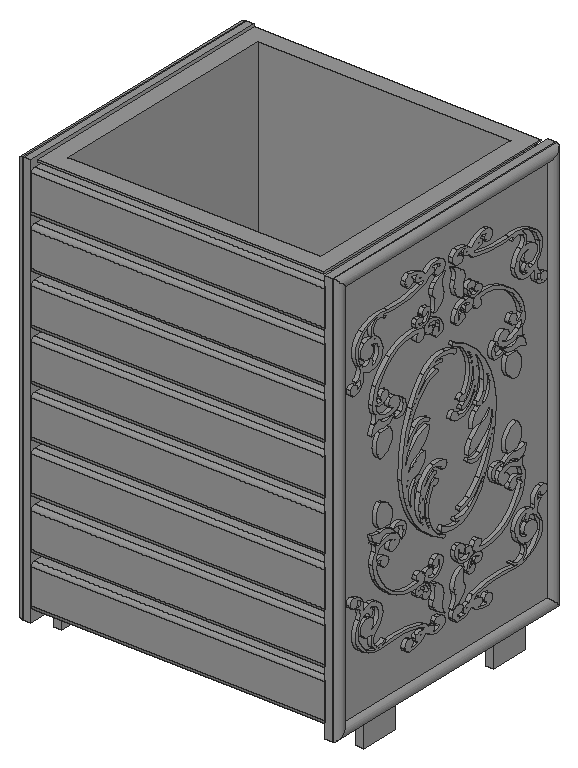
Revit family "Урна чугунная «Ампир КОМБИ-2» Арт 7292", category Антураж, Revit 2018 (continued)
Automatic sketch dimensions
  plane 3 "По центру (Влево/Вправо)" to Extrusion 5 sketch curve = 15 mm
  Extrusion 5 sketch curve to Extrusion 5 sketch curve = 22 mm
  Extrusion 5 sketch curve to plane 5 = 37 mm
  Extrusion 5 sketch curve to plane 5 = 15 mm
  Extrusion 5 sketch curve to plane 4 = 27 mm
  Extrusion 5 sketch curve to plane 1 "По центру (Вперед/Назад)" = 27 mm
  Extrusion 5 sketch curve to plane 1 "По центру (Вперед/Назад)" = 5 mm
  plane 3 "По центру (Влево/Вправо)" to Extrusion 6 sketch curve = 37 mm
  Extrusion 6 sketch curve to plane 5 = 37 mm
  Extrusion 6 sketch curve to plane 1 "По центру (Вперед/Назад)" = 27 mm
  Extrusion 6 sketch curve to plane 4 = 27 mm
  Sweep 7 sketch curve to plane 1 "По центру (Вперед/Назад)" = 0 mm
  Sweep 7 sketch curve to plane 4 = 0 mm
  Sweep 7 sketch curve to plane 6 = 0 mm
  level to Sweep 7 sketch curve = 30 mm
  Sweep 7 sketch curve to plane 3 "По центру (Влево/Вправо)" = 0 mm
  Sweep 7 sketch curve to profile plane = 0 mm  (x2)
  Sweep 7 sketch curve to profile plane = 7.5 mm  (x2)
  plane 3 "По центру (Влево/Вправо)" to Sweep 7 sketch curve = 400 mm
  Extrusion 8 sketch curve to plane 1 "По центру (Вперед/Назад)" = 66.453 mm  (x2)
  Extrusion 8 sketch curve to Extrusion 8 sketch curve = 3.322 mm  (x4)
  Extrusion 8 sketch curve to Extrusion 8 sketch curve = 15.816 mm  (x2)
  Extrusion 8 sketch curve to Extrusion 8 sketch curve = 14.74 mm  (x4)
  Extrusion 8 sketch curve to Extrusion 8 sketch curve = 51.918 mm  (x2)
  Extrusion 8 sketch curve to Extrusion 8 sketch curve = 17.079 mm  (x4)
  Extrusion 8 sketch curve to Extrusion 8 sketch curve = 22.221 mm
  Extrusion 8 sketch curve to Extrusion 8 sketch curve = 5.142 mm
  Extrusion 8 sketch curve to Extrusion 8 sketch curve = 9.386 mm  (x4)
  Extrusion 8 sketch curve to Extrusion 8 sketch curve = 2.136 mm  (x4)
  Extrusion 8 sketch curve to Extrusion 8 sketch curve = 8.667 mm  (x4)
  Extrusion 8 sketch curve to Extrusion 8 sketch curve = 11.002 mm  (x2)
  Extrusion 8 sketch curve to Extrusion 8 sketch curve = 41.097 mm
  Extrusion 8 sketch curve to Extrusion 8 sketch curve = 6.38 mm
  Extrusion 8 sketch curve to plane 4 = 86.206 mm  (x2)
  Extrusion 8 sketch curve to Extrusion 8 sketch curve = 2.245 mm  (x2)
  level to Extrusion 8 sketch curve = 114.549 mm
  Extrusion 8 sketch curve to Extrusion 8 sketch curve = 2.006 mm  (x3)
  Extrusion 8 sketch curve to Extrusion 8 sketch curve = 4.094 mm
  Extrusion 8 sketch curve to Extrusion 8 sketch curve = 1.006 mm  (x4)
  Extrusion 8 sketch curve to Extrusion 8 sketch curve = 8.107 mm
  Extrusion 8 sketch curve to Extrusion 8 sketch curve = 6.486 mm  (x2)
  Extrusion 8 sketch curve to Extrusion 8 sketch curve = 7.459 mm  (x4)
  Extrusion 8 sketch curve to Extrusion 8 sketch curve = 34.094 mm
  Extrusion 8 sketch curve to Extrusion 8 sketch curve = 30.647 mm  (x2)
  Extrusion 8 sketch curve to Extrusion 8 sketch curve = 79.193 mm
  Extrusion 8 sketch curve to Extrusion 8 sketch curve = 0.737 mm  (x4)
  Extrusion 8 sketch curve to Extrusion 8 sketch curve = 83.23 mm
  Extrusion 8 sketch curve to Extrusion 8 sketch curve = 9.611 mm  (x4)
  Extrusion 8 sketch curve to Extrusion 8 sketch curve = 16.217 mm  (x2)
  Extrusion 8 sketch curve to Extrusion 8 sketch curve = 65.807 mm
  Extrusion 8 sketch curve to Extrusion 8 sketch curve = 65.778 mm
  Extrusion 8 sketch curve to Extrusion 8 sketch curve = 5.869 mm  (x2)
  Extrusion 8 sketch curve to Extrusion 8 sketch curve = 79.198 mm
  Extrusion 8 sketch curve to Extrusion 8 sketch curve = 26.635 mm
  Extrusion 8 sketch curve to Extrusion 8 sketch curve = 5.48 mm  (x2)
  Extrusion 8 sketch curve to Extrusion 8 sketch curve = 5.101 mm
  Extrusion 8 sketch curve to Extrusion 8 sketch curve = 8.572 mm  (x2)
  Extrusion 8 sketch curve to Extrusion 8 sketch curve = 0 mm  (x6)
  Extrusion 8 sketch curve to Extrusion 8 sketch curve = 1.003 mm  (x6)
  Extrusion 8 sketch curve to Extrusion 8 sketch curve = 4.439 mm  (x2)
  Extrusion 8 sketch curve to Extrusion 8 sketch curve = 4.163 mm  (x4)
  Extrusion 8 sketch curve to Extrusion 8 sketch curve = 1.131 mm  (x2)
  Extrusion 8 sketch curve to Extrusion 8 sketch curve = 4.133 mm  (x2)
  Extrusion 9 sketch curve to Extrusion 9 sketch curve = 0 mm  (x58)
  Extrusion 9 sketch curve to plane 1 "По центру (Вперед/Назад)" = 90.278 mm
  Extrusion 9 sketch curve to Extrusion 9 sketch curve = 19.785 mm
  Extrusion 9 sketch curve to Extrusion 9 sketch curve = 24.099 mm  (x2)
  Extrusion 9 sketch curve to Extrusion 9 sketch curve = 3.085 mm  (x2)
  Extrusion 9 sketch curve to Extrusion 9 sketch curve = 3.268 mm  (x2)
  Extrusion 9 sketch curve to Extrusion 9 sketch curve = 0.804 mm  (x2)
  Extrusion 9 sketch curve to Extrusion 9 sketch curve = 0.713 mm  (x2)
  Extrusion 9 sketch curve to Extrusion 9 sketch curve = 16.19 mm  (x2)
  Extrusion 9 sketch curve to Extrusion 9 sketch curve = 7.142 mm  (x2)
  Extrusion 9 sketch curve to Extrusion 9 sketch curve = 0.668 mm  (x3)
  Extrusion 9 sketch curve to Extrusion 9 sketch curve = 0.747 mm
  Extrusion 9 sketch curve to Extrusion 9 sketch curve = 1.985 mm  (x2)
  Extrusion 9 sketch curve to Extrusion 9 sketch curve = 5.226 mm  (x2)
  Extrusion 9 sketch curve to Extrusion 9 sketch curve = 10.014 mm  (x2)
  Extrusion 9 sketch curve to Extrusion 9 sketch curve = 0.521 mm  (x2)
  Extrusion 9 sketch curve to Extrusion 9 sketch curve = 9.939 mm
  Extrusion 9 sketch curve to Extrusion 9 sketch curve = 10.054 mm
  Extrusion 9 sketch curve to Extrusion 9 sketch curve = 4.485 mm
  Extrusion 9 sketch curve to Extrusion 9 sketch curve = 9.757 mm  (x2)
  Extrusion 9 sketch curve to Extrusion 9 sketch curve = 17.764 mm
  Extrusion 9 sketch curve to Extrusion 9 sketch curve = 6.447 mm  (x2)
  Extrusion 9 sketch curve to Extrusion 9 sketch curve = 1.53 mm  (x2)
  Extrusion 9 sketch curve to Extrusion 9 sketch curve = 14.218 mm  (x2)
  Extrusion 9 sketch curve to Extrusion 9 sketch curve = 3.509 mm  (x2)
  Extrusion 9 sketch curve to Extrusion 9 sketch curve = 0.439 mm  (x2)
  Extrusion 9 sketch curve to Extrusion 9 sketch curve = 0.489 mm  (x2)
  Extrusion 9 sketch curve to Extrusion 9 sketch curve = 12.036 mm
  Extrusion 9 sketch curve to Extrusion 9 sketch curve = 4.477 mm  (x2)
  Extrusion 9 sketch curve to Extrusion 9 sketch curve = 2.143 mm
  Extrusion 9 sketch curve to Extrusion 9 sketch curve = 4.299 mm  (x2)
  Extrusion 9 sketch curve to Extrusion 9 sketch curve = 1.27 mm  (x2)
  Extrusion 9 sketch curve to Extrusion 9 sketch curve = 1.348 mm
  Extrusion 9 sketch curve to Extrusion 9 sketch curve = 4.606 mm  (x4)
  Extrusion 9 sketch curve to Extrusion 9 sketch curve = 0.436 mm  (x2)
  Extrusion 9 sketch curve to Extrusion 9 sketch curve = 2.289 mm  (x2)
  Extrusion 9 sketch curve to Extrusion 9 sketch curve = 6.781 mm
  Extrusion 9 sketch curve to Extrusion 9 sketch curve = 8.581 mm  (x2)
  Extrusion 9 sketch curve to Extrusion 9 sketch curve = 3.621 mm  (x2)
  Extrusion 9 sketch curve to Extrusion 9 sketch curve = 2.417 mm
  Extrusion 9 sketch curve to Extrusion 9 sketch curve = 5.774 mm
  Extrusion 9 sketch curve to Extrusion 9 sketch curve = 1.417 mm
  Extrusion 9 sketch curve to Extrusion 9 sketch curve = 1.915 mm  (x2)
  Extrusion 9 sketch curve to Extrusion 9 sketch curve = 0.619 mm
  Extrusion 9 sketch curve to Extrusion 9 sketch curve = 2.552 mm
  Extrusion 9 sketch curve to Extrusion 9 sketch curve = 3.149 mm
  Extrusion 9 sketch curve to Extrusion 9 sketch curve = 0.973 mm  (x2)
  Extrusion 9 sketch curve to Extrusion 9 sketch curve = 2.964 mm
  Extrusion 9 sketch curve to Extrusion 9 sketch curve = 0.869 mm  (x2)
  Extrusion 9 sketch curve to Extrusion 9 sketch curve = 0.536 mm  (x2)
  Extrusion 9 sketch curve to Extrusion 9 sketch curve = 4.014 mm  (x2)
  Extrusion 9 sketch curve to Extrusion 9 sketch curve = 1.28 mm  (x2)
  Extrusion 9 sketch curve to Extrusion 9 sketch curve = 7.725 mm
  Extrusion 9 sketch curve to Extrusion 9 sketch curve = 2.492 mm  (x2)
  Extrusion 9 sketch curve to Extrusion 9 sketch curve = 3.598 mm  (x2)
  Extrusion 9 sketch curve to Extrusion 9 sketch curve = 4.198 mm
  Extrusion 9 sketch curve to Extrusion 9 sketch curve = 1.249 mm
  Extrusion 9 sketch curve to Extrusion 9 sketch curve = 0.221 mm  (x4)
  Extrusion 9 sketch curve to Extrusion 9 sketch curve = 2.024 mm  (x2)
  Extrusion 9 sketch curve to Extrusion 9 sketch curve = 0.61 mm  (x2)
  Extrusion 9 sketch curve to Extrusion 9 sketch curve = 8.733 mm  (x2)
  Extrusion 9 sketch curve to Extrusion 9 sketch curve = 0.056 mm
  Extrusion 9 sketch curve to Extrusion 9 sketch curve = 1.423 mm
  Extrusion 9 sketch curve to Extrusion 9 sketch curve = 12.648 mm
  Extrusion 9 sketch curve to Extrusion 9 sketch curve = 1.065 mm
  Extrusion 9 sketch curve to Extrusion 9 sketch curve = 0.477 mm
  Extrusion 9 sketch curve to Extrusion 9 sketch curve = 20.74 mm
  Extrusion 9 sketch curve to Extrusion 9 sketch curve = 8.19 mm
  Extrusion 9 sketch curve to Extrusion 9 sketch curve = 0.497 mm
  Extrusion 9 sketch curve to Extrusion 9 sketch curve = 4.244 mm
  Extrusion 9 sketch curve to Extrusion 9 sketch curve = 21.609 mm
  Extrusion 9 sketch curve to Extrusion 9 sketch curve = 5.381 mm
  Extrusion 9 sketch curve to Extrusion 9 sketch curve = 9.464 mm
  Extrusion 9 sketch curve to Extrusion 9 sketch curve = 7.192 mm
  Extrusion 9 sketch curve to Extrusion 9 sketch curve = 5.852 mm
  Extrusion 9 sketch curve to Extrusion 9 sketch curve = 0.706 mm
  Extrusion 9 sketch curve to Extrusion 9 sketch curve = 11.843 mm
  Extrusion 9 sketch curve to Extrusion 9 sketch curve = 23.338 mm
  Extrusion 9 sketch curve to Extrusion 9 sketch curve = 7.366 mm
  Extrusion 9 sketch curve to Extrusion 9 sketch curve = 2.574 mm
  Extrusion 9 sketch curve to Extrusion 9 sketch curve = 11.177 mm
  level to Extrusion 9 sketch curve = 194.993 mm
  Extrusion 9 sketch curve to Extrusion 9 sketch curve = 8.035 mm  (x2)
  Extrusion 9 sketch curve to Extrusion 9 sketch curve = 1.232 mm  (x2)
  Extrusion 9 sketch curve to Extrusion 9 sketch curve = 9.162 mm  (x2)
  Extrusion 9 sketch curve to Extrusion 9 sketch curve = 13.801 mm
  Extrusion 9 sketch curve to Extrusion 9 sketch curve = 4.504 mm
  Extrusion 9 sketch curve to Extrusion 9 sketch curve = 1.206 mm  (x2)
  Extrusion 9 sketch curve to Extrusion 9 sketch curve = 3.444 mm
  Extrusion 9 sketch curve to Extrusion 9 sketch curve = 1.493 mm
  Extrusion 9 sketch curve to Extrusion 9 sketch curve = 2.238 mm  (x2)
  Extrusion 9 sketch curve to Extrusion 9 sketch curve = 0.236 mm  (x2)
  Extrusion 9 sketch curve to Extrusion 9 sketch curve = 3.199 mm
  Extrusion 9 sketch curve to Extrusion 9 sketch curve = 1.774 mm  (x2)
  Extrusion 9 sketch curve to Extrusion 9 sketch curve = 4.309 mm  (x2)
  Extrusion 9 sketch curve to Extrusion 9 sketch curve = 0.528 mm  (x2)
  Extrusion 9 sketch curve to Extrusion 9 sketch curve = 1.857 mm
  Extrusion 9 sketch curve to Extrusion 9 sketch curve = 2.675 mm  (x2)
  Extrusion 9 sketch curve to Extrusion 9 sketch curve = 0.051 mm  (x2)
  Extrusion 9 sketch curve to Extrusion 9 sketch curve = 1.115 mm  (x2)
  Extrusion 9 sketch curve to Extrusion 9 sketch curve = 0.463 mm  (x2)
  Extrusion 9 sketch curve to Extrusion 9 sketch curve = 10.068 mm
  Extrusion 9 sketch curve to Extrusion 9 sketch curve = 13.197 mm
  Extrusion 9 sketch curve to Extrusion 9 sketch curve = 4.235 mm
  Extrusion 9 sketch curve to Extrusion 9 sketch curve = 0.644 mm  (x2)
  Extrusion 9 sketch curve to Extrusion 9 sketch curve = 0.967 mm
  Extrusion 9 sketch curve to Extrusion 9 sketch curve = 19.732 mm
  Extrusion 9 sketch curve to Extrusion 9 sketch curve = 7.359 mm  (x2)
  Extrusion 9 sketch curve to Extrusion 9 sketch curve = 2.912 mm
  Extrusion 9 sketch curve to Extrusion 9 sketch curve = 5.976 mm
  Extrusion 9 sketch curve to Extrusion 9 sketch curve = 4.49 mm  (x2)
  Extrusion 9 sketch curve to Extrusion 9 sketch curve = 7.627 mm
  Extrusion 9 sketch curve to Extrusion 9 sketch curve = 3.982 mm  (x2)
  Extrusion 9 sketch curve to Extrusion 9 sketch curve = 7.861 mm  (x2)
  Extrusion 9 sketch curve to Extrusion 9 sketch curve = 11.421 mm
  Extrusion 9 sketch curve to Extrusion 9 sketch curve = 6.295 mm  (x2)
  Extrusion 9 sketch curve to Extrusion 9 sketch curve = 6.903 mm
  Extrusion 9 sketch curve to Extrusion 9 sketch curve = 6.161 mm  (x2)
  Extrusion 9 sketch curve to Extrusion 9 sketch curve = 9.813 mm  (x2)
  Extrusion 9 sketch curve to Extrusion 9 sketch curve = 3.262 mm  (x2)
  Extrusion 9 sketch curve to Extrusion 9 sketch curve = 2.678 mm  (x2)
  Extrusion 9 sketch curve to Extrusion 9 sketch curve = 3.283 mm  (x2)
  Extrusion 9 sketch curve to Extrusion 9 sketch curve = 6.422 mm  (x2)
  Extrusion 9 sketch curve to Extrusion 9 sketch curve = 7.221 mm  (x2)
  Extrusion 9 sketch curve to Extrusion 9 sketch curve = 4.5 mm
  Extrusion 9 sketch curve to Extrusion 9 sketch curve = 1.529 mm  (x2)
  Extrusion 9 sketch curve to Extrusion 9 sketch curve = 1.192 mm  (x2)
  Extrusion 9 sketch curve to Extrusion 9 sketch curve = 7.073 mm  (x2)
  Extrusion 9 sketch curve to Extrusion 9 sketch curve = 22.921 mm
  Extrusion 9 sketch curve to Extrusion 9 sketch curve = 14.095 mm  (x2)
  Extrusion 9 sketch curve to Extrusion 9 sketch curve = 5.021 mm
  Extrusion 9 sketch curve to Extrusion 9 sketch curve = 5.457 mm  (x2)
  Extrusion 9 sketch curve to Extrusion 9 sketch curve = 2.177 mm  (x2)
  Extrusion 9 sketch curve to Extrusion 9 sketch curve = 2.934 mm  (x2)
  Extrusion 9 sketch curve to Extrusion 9 sketch curve = 1.556 mm  (x2)
  Extrusion 9 sketch curve to Extrusion 9 sketch curve = 2.583 mm  (x2)
  Extrusion 9 sketch curve to Extrusion 9 sketch curve = 3.039 mm  (x2)
  Extrusion 9 sketch curve to Extrusion 9 sketch curve = 8.562 mm  (x2)
  Extrusion 9 sketch curve to Extrusion 9 sketch curve = 12.578 mm
  Extrusion 9 sketch curve to Extrusion 9 sketch curve = 0.259 mm
  Extrusion 9 sketch curve to Extrusion 9 sketch curve = 17.337 mm
  Extrusion 9 sketch curve to Extrusion 9 sketch curve = 4.624 mm
  Extrusion 9 sketch curve to Extrusion 9 sketch curve = 3.828 mm
  Extrusion 9 sketch curve to Extrusion 9 sketch curve = 6.194 mm
  Extrusion 9 sketch curve to Extrusion 9 sketch curve = 9.707 mm
  Extrusion 9 sketch curve to Extrusion 9 sketch curve = 12.75 mm
  Extrusion 9 sketch curve to Extrusion 9 sketch curve = 1.578 mm
  Extrusion 9 sketch curve to Extrusion 9 sketch curve = 0.212 mm
  Extrusion 9 sketch curve to Extrusion 9 sketch curve = 4.167 mm
  Extrusion 9 sketch curve to Extrusion 9 sketch curve = 4.748 mm
  Extrusion 9 sketch curve to Extrusion 9 sketch curve = 12.682 mm
  Extrusion 9 sketch curve to Extrusion 9 sketch curve = 0.217 mm
  Extrusion 9 sketch curve to Extrusion 9 sketch curve = 1.831 mm
  Extrusion 9 sketch curve to Extrusion 9 sketch curve = 2.726 mm
  Extrusion 9 sketch curve to Extrusion 9 sketch curve = 0.745 mm
  Extrusion 9 sketch curve to Extrusion 9 sketch curve = 4.711 mm
  Extrusion 9 sketch curve to Extrusion 9 sketch curve = 9.441 mm
  Extrusion 9 sketch curve to Extrusion 9 sketch curve = 18.304 mm
  Extrusion 9 sketch curve to Extrusion 9 sketch curve = 18.337 mm
  Extrusion 9 sketch curve to Extrusion 9 sketch curve = 5.431 mm
  Extrusion 9 sketch curve to Extrusion 9 sketch curve = 5.297 mm
  Extrusion 9 sketch curve to Extrusion 9 sketch curve = 0.917 mm
  Extrusion 9 sketch curve to Extrusion 9 sketch curve = 3.433 mm  (x2)
  Extrusion 9 sketch curve to Extrusion 9 sketch curve = 3.109 mm
  Extrusion 9 sketch curve to Extrusion 9 sketch curve = 4.398 mm
  Extrusion 9 sketch curve to Extrusion 9 sketch curve = 4.386 mm
  Extrusion 9 sketch curve to Extrusion 9 sketch curve = 5.964 mm
  Extrusion 9 sketch curve to Extrusion 9 sketch curve = 3.229 mm  (x2)
  Extrusion 9 sketch curve to Extrusion 9 sketch curve = 8.819 mm
  Extrusion 9 sketch curve to Extrusion 9 sketch curve = 8.486 mm
  Extrusion 9 sketch curve to Extrusion 9 sketch curve = 8.76 mm
  Extrusion 9 sketch curve to Extrusion 9 sketch curve = 4.538 mm  (x2)
  Extrusion 9 sketch curve to Extrusion 9 sketch curve = 3.755 mm  (x2)
  Extrusion 9 sketch curve to Extrusion 9 sketch curve = 6.482 mm
  Extrusion 9 sketch curve to Extrusion 9 sketch curve = 0.92 mm  (x3)
  Extrusion 9 sketch curve to Extrusion 9 sketch curve = 13.179 mm
  Extrusion 9 sketch curve to Extrusion 9 sketch curve = 3.079 mm
  Extrusion 9 sketch curve to Extrusion 9 sketch curve = 1.204 mm  (x2)
  Extrusion 9 sketch curve to Extrusion 9 sketch curve = 1.752 mm
  Extrusion 9 sketch curve to Extrusion 9 sketch curve = 0.588 mm  (x2)
  Extrusion 9 sketch curve to Extrusion 9 sketch curve = 5.313 mm  (x2)
  Extrusion 9 sketch curve to Extrusion 9 sketch curve = 3.976 mm
  Extrusion 9 sketch curve to Extrusion 9 sketch curve = 1.916 mm
  Extrusion 9 sketch curve to Extrusion 9 sketch curve = 4.507 mm  (x2)
  Extrusion 9 sketch curve to Extrusion 9 sketch curve = 13.579 mm  (x2)
  Extrusion 9 sketch curve to Extrusion 9 sketch curve = 0.748 mm  (x2)
  Extrusion 9 sketch curve to Extrusion 9 sketch curve = 0.966 mm  (x2)
  Extrusion 9 sketch curve to Extrusion 9 sketch curve = 9.541 mm
  Extrusion 9 sketch curve to Extrusion 9 sketch curve = 1.763 mm  (x2)
  Extrusion 9 sketch curve to Extrusion 9 sketch curve = 1.654 mm
  Extrusion 9 sketch curve to Extrusion 9 sketch curve = 0.811 mm  (x2)
  Extrusion 9 sketch curve to Extrusion 9 sketch curve = 1.615 mm  (x2)
  Extrusion 9 sketch curve to Extrusion 9 sketch curve = 7.118 mm
  Extrusion 9 sketch curve to Extrusion 9 sketch curve = 2.449 mm
  Extrusion 9 sketch curve to Extrusion 9 sketch curve = 1.451 mm
  Extrusion 9 sketch curve to Extrusion 9 sketch curve = 0.749 mm
  Extrusion 9 sketch curve to Extrusion 9 sketch curve = 0.357 mm
  Extrusion 9 sketch curve to Extrusion 9 sketch curve = 0.409 mm
  Extrusion 9 sketch curve to Extrusion 9 sketch curve = 7.887 mm
  Extrusion 9 sketch curve to Extrusion 9 sketch curve = 1.139 mm
  Extrusion 9 sketch curve to Extrusion 9 sketch curve = 1.016 mm
  Extrusion 9 sketch curve to Extrusion 9 sketch curve = 9.341 mm
  Extrusion 9 sketch curve to Extrusion 9 sketch curve = 1.332 mm
  Extrusion 9 sketch curve to Extrusion 9 sketch curve = 1.268 mm
  Extrusion 9 sketch curve to Extrusion 9 sketch curve = 4.853 mm
  Extrusion 9 sketch curve to Extrusion 9 sketch curve = 0.783 mm
  Extrusion 9 sketch curve to Extrusion 9 sketch curve = 5.653 mm
  Extrusion 9 sketch curve to Extrusion 9 sketch curve = 0.101 mm
  Extrusion 9 sketch curve to Extrusion 9 sketch curve = 11.02 mm
  Extrusion 9 sketch curve to Extrusion 9 sketch curve = 1.992 mm
  Extrusion 9 sketch curve to Extrusion 9 sketch curve = 0.274 mm
  Extrusion 9 sketch curve to Extrusion 9 sketch curve = 4.446 mm
  Extrusion 10 sketch curve to plane 1 "По центру (Вперед/Назад)" = 54.744 mm  (x2)
  Extrusion 10 sketch curve to Extrusion 10 sketch curve = 13.536 mm  (x4)
  Extrusion 10 sketch curve to Extrusion 10 sketch curve = 1.598 mm  (x4)
  Extrusion 10 sketch curve to Extrusion 10 sketch curve = 5.85 mm  (x2)
  Extrusion 10 sketch curve to Extrusion 10 sketch curve = 20.828 mm  (x2)
  Extrusion 10 sketch curve to Extrusion 10 sketch curve = 1.958 mm  (x2)
  Extrusion 10 sketch curve to Extrusion 10 sketch curve = 0.1 mm  (x4)
  Extrusion 10 sketch curve to Extrusion 10 sketch curve = 2.198 mm  (x2)
  Extrusion 10 sketch curve to Extrusion 10 sketch curve = 1.473 mm  (x4)
  Extrusion 10 sketch curve to Extrusion 10 sketch curve = 1.069 mm  (x4)
  Extrusion 10 sketch curve to Extrusion 10 sketch curve = 1.754 mm  (x4)
  Extrusion 10 sketch curve to Extrusion 10 sketch curve = 8.476 mm  (x2)
  Extrusion 10 sketch curve to Extrusion 10 sketch curve = 0.588 mm  (x4)
  Extrusion 10 sketch curve to Extrusion 10 sketch curve = 1.788 mm  (x2)
  Extrusion 10 sketch curve to Extrusion 10 sketch curve = 0.285 mm  (x4)
  Extrusion 10 sketch curve to Extrusion 10 sketch curve = 18.667 mm  (x2)
  Extrusion 10 sketch curve to Extrusion 10 sketch curve = 12.65 mm  (x4)
  Extrusion 10 sketch curve to Extrusion 10 sketch curve = 3.04 mm  (x4)
  Extrusion 10 sketch curve to Extrusion 10 sketch curve = 0.288 mm  (x4)
  Extrusion 10 sketch curve to Extrusion 10 sketch curve = 10.526 mm  (x2)
  Extrusion 10 sketch curve to Extrusion 10 sketch curve = 0.886 mm  (x2)
  Extrusion 10 sketch curve to Extrusion 10 sketch curve = 1.139 mm  (x4)
  Extrusion 10 sketch curve to Extrusion 10 sketch curve = 0.657 mm  (x2)
  Extrusion 10 sketch curve to Extrusion 10 sketch curve = 1.358 mm  (x4)
  Extrusion 10 sketch curve to Extrusion 10 sketch curve = 92.074 mm  (x2)
  Extrusion 10 sketch curve to Extrusion 10 sketch curve = 0.701 mm  (x2)
  Extrusion 10 sketch curve to Extrusion 10 sketch curve = 0.911 mm  (x2)
  Extrusion 10 sketch curve to Extrusion 10 sketch curve = 8.084 mm  (x2)
  Extrusion 10 sketch curve to Extrusion 10 sketch curve = 17.181 mm  (x2)
  Extrusion 10 sketch curve to Extrusion 10 sketch curve = 1.2 mm  (x2)
  Extrusion 10 sketch curve to Extrusion 10 sketch curve = 6.242 mm  (x2)
  Extrusion 10 sketch curve to Extrusion 10 sketch curve = 2.098 mm  (x2)
  Extrusion 10 sketch curve to Extrusion 10 sketch curve = 14.736 mm  (x2)
  Extrusion 10 sketch curve to Extrusion 10 sketch curve = 2.057 mm  (x2)
  Extrusion 10 sketch curve to Extrusion 10 sketch curve = 4.252 mm  (x2)
  level to Extrusion 10 sketch curve = 159.079 mm
  Extrusion 10 sketch curve to Extrusion 10 sketch curve = 0.024 mm  (x4)
  Extrusion 10 sketch curve to Extrusion 10 sketch curve = 0.749 mm  (x2)
  Extrusion 10 sketch curve to Extrusion 10 sketch curve = 1.265 mm  (x4)
  Extrusion 10 sketch curve to Extrusion 10 sketch curve = 1.985 mm
  Extrusion 10 sketch curve to Extrusion 10 sketch curve = 2.387 mm  (x4)
  Extrusion 10 sketch curve to Extrusion 10 sketch curve = 36.746 mm  (x2)
  Extrusion 10 sketch curve to Extrusion 10 sketch curve = 4.55 mm  (x4)
  Extrusion 10 sketch curve to Extrusion 10 sketch curve = 4.658 mm  (x2)
  Extrusion 10 sketch curve to Extrusion 10 sketch curve = 0.612 mm  (x2)
  Extrusion 10 sketch curve to Extrusion 10 sketch curve = 0.148 mm  (x2)
  Extrusion 10 sketch curve to Extrusion 10 sketch curve = 0.827 mm  (x4)
  Extrusion 10 sketch curve to Extrusion 10 sketch curve = 1.799 mm  (x4)
  Extrusion 10 sketch curve to Extrusion 10 sketch curve = 2.21 mm  (x4)
  Extrusion 10 sketch curve to Extrusion 10 sketch curve = 0.21 mm  (x4)
  Extrusion 10 sketch curve to Extrusion 10 sketch curve = 7.892 mm  (x2)
  Extrusion 10 sketch curve to Extrusion 10 sketch curve = 3.437 mm  (x4)
  Extrusion 10 sketch curve to Extrusion 10 sketch curve = 9.775 mm  (x2)
  Extrusion 10 sketch curve to Extrusion 10 sketch curve = 1.652 mm  (x4)
  Extrusion 10 sketch curve to Extrusion 10 sketch curve = 4.551 mm  (x4)
  Extrusion 10 sketch curve to Extrusion 10 sketch curve = 0.412 mm  (x4)
  Extrusion 10 sketch curve to Extrusion 10 sketch curve = 1.72 mm  (x4)
  Extrusion 10 sketch curve to Extrusion 10 sketch curve = 0.414 mm  (x4)
  Extrusion 10 sketch curve to Extrusion 10 sketch curve = 21.257 mm  (x2)
  Extrusion 10 sketch curve to Extrusion 10 sketch curve = 31.371 mm  (x4)
  Extrusion 10 sketch curve to Extrusion 10 sketch curve = 88.547 mm
  Extrusion 10 sketch curve to Extrusion 10 sketch curve = 88.545 mm
  Extrusion 10 sketch curve to Extrusion 10 sketch curve = 3.578 mm  (x2)
  Extrusion 10 sketch curve to Extrusion 10 sketch curve = 1.279 mm  (x2)
  Extrusion 10 sketch curve to Extrusion 10 sketch curve = 9.565 mm  (x2)
  Extrusion 10 sketch curve to Extrusion 10 sketch curve = 2.78 mm  (x2)
  Extrusion 10 sketch curve to Extrusion 10 sketch curve = 0.678 mm  (x2)
  Extrusion 10 sketch curve to Extrusion 10 sketch curve = 0.868 mm  (x2)
  Extrusion 10 sketch curve to Extrusion 10 sketch curve = 52.733 mm  (x2)
  Extrusion 10 sketch curve to Extrusion 10 sketch curve = 0.54 mm  (x2)
  Extrusion 10 sketch curve to Extrusion 10 sketch curve = 11.57 mm  (x2)
  Extrusion 10 sketch curve to Extrusion 10 sketch curve = 4.021 mm  (x2)
  Extrusion 10 sketch curve to Extrusion 10 sketch curve = 0 mm  (x47)
  Extrusion 10 sketch curve to Extrusion 10 sketch curve = 3.587 mm  (x2)
  Extrusion 10 sketch curve to Extrusion 10 sketch curve = 1.596 mm  (x6)
  Extrusion 10 sketch curve to Extrusion 10 sketch curve = 4.505 mm  (x4)
  Extrusion 10 sketch curve to Extrusion 10 sketch curve = 1.822 mm  (x4)
  Extrusion 10 sketch curve to Extrusion 10 sketch curve = 1.868 mm  (x2)
  Extrusion 10 sketch curve to Extrusion 10 sketch curve = 3.173 mm  (x2)
  Extrusion 10 sketch curve to Extrusion 10 sketch curve = 1.973 mm  (x3)
  Extrusion 10 sketch curve to Extrusion 10 sketch curve = 2.333 mm  (x3)
  Extrusion 10 sketch curve to Extrusion 10 sketch curve = 2.048 mm  (x3)
  Extrusion 10 sketch curve to Extrusion 10 sketch curve = 3.375 mm  (x2)
  Extrusion 10 sketch curve to Extrusion 10 sketch curve = 0.039 mm  (x4)
  Extrusion 10 sketch curve to Extrusion 10 sketch curve = 6.894 mm  (x2)
  Extrusion 10 sketch curve to Extrusion 10 sketch curve = 0.628 mm  (x2)
  Extrusion 10 sketch curve to Extrusion 10 sketch curve = 5.165 mm  (x2)
  Extrusion 10 sketch curve to Extrusion 10 sketch curve = 0.297 mm  (x2)
  Extrusion 10 sketch curve to Extrusion 10 sketch curve = 0.654 mm  (x2)
  Extrusion 11 sketch curve to plane 1 "По центру (Вперед/Назад)" = 66.984 mm  (x2)
  Extrusion 11 sketch curve to Extrusion 11 sketch curve = 1.806 mm  (x4)
  Extrusion 11 sketch curve to Extrusion 11 sketch curve = 5.666 mm  (x2)
  Extrusion 11 sketch curve to Extrusion 11 sketch curve = 4.155 mm  (x4)
  Extrusion 11 sketch curve to Extrusion 11 sketch curve = 6.752 mm  (x2)
  Extrusion 11 sketch curve to Extrusion 11 sketch curve = 4.477 mm  (x2)
  Extrusion 11 sketch curve to Extrusion 11 sketch curve = 1.809 mm  (x4)
  Extrusion 11 sketch curve to Extrusion 11 sketch curve = 3.503 mm  (x4)
  Extrusion 11 sketch curve to Extrusion 11 sketch curve = 6.015 mm  (x2)
  Extrusion 11 sketch curve to Extrusion 11 sketch curve = 4.895 mm  (x4)
  Extrusion 11 sketch curve to Extrusion 11 sketch curve = 34.322 mm  (x2)
  Extrusion 11 sketch curve to Extrusion 11 sketch curve = 1.011 mm  (x4)
  Extrusion 11 sketch curve to Extrusion 11 sketch curve = 0.572 mm  (x4)
  Extrusion 11 sketch curve to Extrusion 11 sketch curve = 0.232 mm  (x4)
  Extrusion 11 sketch curve to Extrusion 11 sketch curve = 1.974 mm  (x2)
  Extrusion 11 sketch curve to Extrusion 11 sketch curve = 0.495 mm  (x4)
  Extrusion 11 sketch curve to Extrusion 11 sketch curve = 1.368 mm  (x2)
  Extrusion 11 sketch curve to Extrusion 11 sketch curve = 0.206 mm  (x4)
  Extrusion 11 sketch curve to Extrusion 11 sketch curve = 1.659 mm  (x4)
  Extrusion 11 sketch curve to Extrusion 11 sketch curve = 0.322 mm  (x4)
  Extrusion 11 sketch curve to Extrusion 11 sketch curve = 3.323 mm  (x2)
  Extrusion 11 sketch curve to Extrusion 11 sketch curve = 0.188 mm  (x4)
  Extrusion 11 sketch curve to Extrusion 11 sketch curve = 2.481 mm  (x4)
  Extrusion 11 sketch curve to Extrusion 11 sketch curve = 0.198 mm  (x4)
  Extrusion 11 sketch curve to Extrusion 11 sketch curve = 1.476 mm  (x2)
  Extrusion 11 sketch curve to Extrusion 11 sketch curve = 14.09 mm  (x2)
  Extrusion 11 sketch curve to Extrusion 11 sketch curve = 0.85 mm  (x4)
  Extrusion 11 sketch curve to Extrusion 11 sketch curve = 0.863 mm  (x4)
  Extrusion 11 sketch curve to Extrusion 11 sketch curve = 1.955 mm  (x2)
  Extrusion 11 sketch curve to Extrusion 11 sketch curve = 0.663 mm  (x4)
  Extrusion 11 sketch curve to Extrusion 11 sketch curve = 0.74 mm  (x4)
  Extrusion 11 sketch curve to Extrusion 11 sketch curve = 2.212 mm  (x2)
  Extrusion 11 sketch curve to Extrusion 11 sketch curve = 1.394 mm  (x4)
  Extrusion 11 sketch curve to Extrusion 11 sketch curve = 0.481 mm  (x4)
  Extrusion 11 sketch curve to Extrusion 11 sketch curve = 0.36 mm  (x4)
  Extrusion 11 sketch curve to Extrusion 11 sketch curve = 2.034 mm  (x4)
  Extrusion 11 sketch curve to Extrusion 11 sketch curve = 2.139 mm  (x2)
  Extrusion 11 sketch curve to Extrusion 11 sketch curve = 0.207 mm  (x4)
  Extrusion 11 sketch curve to Extrusion 11 sketch curve = 1.598 mm  (x2)
  Extrusion 11 sketch curve to Extrusion 11 sketch curve = 2.032 mm  (x4)
  Extrusion 11 sketch curve to Extrusion 11 sketch curve = 0.295 mm  (x4)
  Extrusion 11 sketch curve to Extrusion 11 sketch curve = 0.428 mm  (x2)
  Extrusion 11 sketch curve to Extrusion 11 sketch curve = 34.111 mm  (x2)
  Extrusion 11 sketch curve to Extrusion 11 sketch curve = 0.134 mm  (x2)
  Extrusion 11 sketch curve to Extrusion 11 sketch curve = 1.391 mm  (x2)
  Extrusion 11 sketch curve to Extrusion 11 sketch curve = 2.346 mm  (x2)
  Extrusion 11 sketch curve to Extrusion 11 sketch curve = 3.706 mm  (x2)
  Extrusion 11 sketch curve to Extrusion 11 sketch curve = 1.756 mm  (x2)
  Extrusion 11 sketch curve to Extrusion 11 sketch curve = 1.646 mm  (x2)
  Extrusion 11 sketch curve to Extrusion 11 sketch curve = 1.278 mm  (x2)
  Extrusion 11 sketch curve to Extrusion 11 sketch curve = 3.189 mm  (x2)
  Extrusion 11 sketch curve to Extrusion 11 sketch curve = 3.061 mm  (x2)
  Extrusion 11 sketch curve to Extrusion 11 sketch curve = 1.742 mm  (x2)
  Extrusion 11 sketch curve to Extrusion 11 sketch curve = 49.504 mm  (x2)
  Extrusion 11 sketch curve to Extrusion 11 sketch curve = 4.192 mm  (x2)
  Extrusion 11 sketch curve to Extrusion 11 sketch curve = 6.286 mm  (x2)
  Extrusion 11 sketch curve to Extrusion 11 sketch curve = 11.23 mm  (x2)
  Extrusion 11 sketch curve to Extrusion 11 sketch curve = 16.574 mm  (x2)
  level to Extrusion 11 sketch curve = 136.833 mm
  Extrusion 11 sketch curve to Extrusion 11 sketch curve = 0.405 mm  (x2)
  Extrusion 11 sketch curve to Extrusion 11 sketch curve = 0.409 mm  (x2)
  Extrusion 11 sketch curve to Extrusion 11 sketch curve = 1.118 mm  (x4)
  Extrusion 11 sketch curve to Extrusion 11 sketch curve = 0.49 mm  (x4)
  Extrusion 11 sketch curve to Extrusion 11 sketch curve = 0.987 mm  (x4)
  Extrusion 11 sketch curve to Extrusion 11 sketch curve = 0.671 mm  (x4)
  Extrusion 11 sketch curve to Extrusion 11 sketch curve = 1.748 mm
  Extrusion 11 sketch curve to Extrusion 11 sketch curve = 1.833 mm  (x4)
  Extrusion 11 sketch curve to Extrusion 11 sketch curve = 1.024 mm  (x4)
  Extrusion 11 sketch curve to Extrusion 11 sketch curve = 2.552 mm  (x2)
  Extrusion 11 sketch curve to Extrusion 11 sketch curve = 0.121 mm  (x8)
  Extrusion 11 sketch curve to Extrusion 11 sketch curve = 2.479 mm  (x2)
  Extrusion 11 sketch curve to Extrusion 11 sketch curve = 0.083 mm  (x4)
  Extrusion 11 sketch curve to Extrusion 11 sketch curve = 0.126 mm  (x2)
  Extrusion 11 sketch curve to Extrusion 11 sketch curve = 2.097 mm  (x2)
  Extrusion 11 sketch curve to Extrusion 11 sketch curve = 8.501 mm  (x2)
  Extrusion 11 sketch curve to Extrusion 11 sketch curve = 0.171 mm  (x2)
  Extrusion 11 sketch curve to Extrusion 11 sketch curve = 0.878 mm  (x4)
  Extrusion 11 sketch curve to Extrusion 11 sketch curve = 3.036 mm  (x2)
  Extrusion 11 sketch curve to Extrusion 11 sketch curve = 0.255 mm  (x4)
  Extrusion 11 sketch curve to Extrusion 11 sketch curve = 2.081 mm  (x2)
  Extrusion 11 sketch curve to Extrusion 11 sketch curve = 3.001 mm  (x2)
  Extrusion 11 sketch curve to Extrusion 11 sketch curve = 0.438 mm  (x4)
  Extrusion 11 sketch curve to Extrusion 11 sketch curve = 0.653 mm  (x2)
  Extrusion 11 sketch curve to Extrusion 11 sketch curve = 0.98 mm  (x4)
  Extrusion 11 sketch curve to Extrusion 11 sketch curve = 2.214 mm  (x2)
  Extrusion 11 sketch curve to Extrusion 11 sketch curve = 1.872 mm  (x4)
  Extrusion 11 sketch curve to Extrusion 11 sketch curve = 3.536 mm  (x4)
  Extrusion 11 sketch curve to Extrusion 11 sketch curve = 1.323 mm  (x4)
  Extrusion 11 sketch curve to Extrusion 11 sketch curve = 0.571 mm  (x4)
  Extrusion 11 sketch curve to Extrusion 11 sketch curve = 0.648 mm  (x4)
  Extrusion 11 sketch curve to Extrusion 11 sketch curve = 1.313 mm  (x4)
  Extrusion 11 sketch curve to Extrusion 11 sketch curve = 2.617 mm  (x2)
  Extrusion 11 sketch curve to Extrusion 11 sketch curve = 52.563 mm  (x2)
  Extrusion 11 sketch curve to Extrusion 11 sketch curve = 2.332 mm  (x2)
  Extrusion 11 sketch curve to Extrusion 11 sketch curve = 1.831 mm  (x4)
  Extrusion 11 sketch curve to Extrusion 11 sketch curve = 6.917 mm  (x4)
  Extrusion 11 sketch curve to Extrusion 11 sketch curve = 8.119 mm  (x2)
  Extrusion 11 sketch curve to Extrusion 11 sketch curve = 3.477 mm  (x2)
  Extrusion 11 sketch curve to Extrusion 11 sketch curve = 2.186 mm  (x4)
  Extrusion 11 sketch curve to Extrusion 11 sketch curve = 1.367 mm  (x4)
  Extrusion 11 sketch curve to Extrusion 11 sketch curve = 9.64 mm  (x4)
  Extrusion 11 sketch curve to Extrusion 11 sketch curve = 21.299 mm  (x4)
  Extrusion 11 sketch curve to Extrusion 11 sketch curve = 72.157 mm
  Extrusion 11 sketch curve to Extrusion 11 sketch curve = 72.046 mm
  Extrusion 11 sketch curve to Extrusion 11 sketch curve = 5.663 mm  (x2)
  Extrusion 11 sketch curve to Extrusion 11 sketch curve = 4.679 mm  (x2)
  Extrusion 11 sketch curve to Extrusion 11 sketch curve = 3.957 mm  (x2)
  Extrusion 11 sketch curve to Extrusion 11 sketch curve = 50.036 mm
  Extrusion 11 sketch curve to Extrusion 11 sketch curve = 1.087 mm  (x2)
  Extrusion 11 sketch curve to Extrusion 11 sketch curve = 1.708 mm  (x2)
  Extrusion 11 sketch curve to Extrusion 11 sketch curve = 2.043 mm
  Extrusion 11 sketch curve to Extrusion 11 sketch curve = 1.439 mm  (x2)
  Extrusion 11 sketch curve to Extrusion 11 sketch curve = 0.908 mm  (x2)
  Extrusion 11 sketch curve to Extrusion 11 sketch curve = 1.826 mm  (x2)
  Extrusion 11 sketch curve to Extrusion 11 sketch curve = 3.291 mm  (x2)
  Extrusion 11 sketch curve to Extrusion 11 sketch curve = 1.049 mm  (x2)
  Extrusion 11 sketch curve to Extrusion 11 sketch curve = 8.672 mm  (x2)
  Extrusion 11 sketch curve to Extrusion 11 sketch curve = 2.054 mm  (x2)
  Extrusion 11 sketch curve to Extrusion 11 sketch curve = 0.043 mm  (x2)
  Extrusion 11 sketch curve to Extrusion 11 sketch curve = 2.441 mm  (x2)
  Extrusion 11 sketch curve to Extrusion 11 sketch curve = 2.673 mm  (x2)
  Extrusion 11 sketch curve to Extrusion 11 sketch curve = 1.912 mm  (x2)
  Extrusion 11 sketch curve to Extrusion 11 sketch curve = 0.088 mm  (x2)
  Extrusion 11 sketch curve to Extrusion 11 sketch curve = 13.445 mm  (x2)
  Extrusion 11 sketch curve to Extrusion 11 sketch curve = 6.543 mm  (x4)
  Extrusion 11 sketch curve to Extrusion 11 sketch curve = 1.545 mm  (x4)
  Extrusion 11 sketch curve to Extrusion 11 sketch curve = 8.253 mm  (x2)
  Extrusion 11 sketch curve to Extrusion 11 sketch curve = 3.748 mm  (x4)
  Extrusion 11 sketch curve to Extrusion 11 sketch curve = 3.728 mm  (x4)
  Extrusion 11 sketch curve to Extrusion 11 sketch curve = 4.41 mm  (x2)
  Extrusion 11 sketch curve to Extrusion 11 sketch curve = 0 mm  (x66)
  Extrusion 11 sketch curve to Extrusion 11 sketch curve = 4.265 mm  (x2)
  Extrusion 11 sketch curve to Extrusion 11 sketch curve = 1.2 mm  (x2)
  Extrusion 11 sketch curve to Extrusion 11 sketch curve = 0.166 mm  (x2)
  Extrusion 11 sketch curve to Extrusion 11 sketch curve = 1.007 mm  (x4)
  Extrusion 11 sketch curve to Extrusion 11 sketch curve = 6.34 mm  (x2)
  Extrusion 11 sketch curve to Extrusion 11 sketch curve = 0.353 mm  (x4)
  Extrusion 11 sketch curve to Extrusion 11 sketch curve = 1.223 mm  (x2)
  Extrusion 11 sketch curve to Extrusion 11 sketch curve = 0.367 mm  (x4)
  Extrusion 11 sketch curve to Extrusion 11 sketch curve = 3.117 mm  (x4)
  Extrusion 11 sketch curve to Extrusion 11 sketch curve = 0.674 mm  (x2)
  Extrusion 11 sketch curve to Extrusion 11 sketch curve = 0.283 mm  (x4)
  Extrusion 11 sketch curve to Extrusion 11 sketch curve = 1.253 mm  (x4)
  Extrusion 11 sketch curve to Extrusion 11 sketch curve = 1.685 mm  (x2)
  Extrusion 11 sketch curve to Extrusion 11 sketch curve = 6.705 mm  (x2)
  Extrusion 11 sketch curve to Extrusion 11 sketch curve = 3.199 mm  (x2)
  Extrusion 11 sketch curve to Extrusion 11 sketch curve = 3.767 mm  (x2)
  Extrusion 11 sketch curve to Extrusion 11 sketch curve = 0.427 mm  (x2)
  Extrusion 11 sketch curve to Extrusion 11 sketch curve = 3.113 mm  (x2)
  Extrusion 11 sketch curve to Extrusion 11 sketch curve = 5.213 mm  (x2)
  Extrusion 11 sketch curve to Extrusion 11 sketch curve = 1.033 mm  (x2)
  Extrusion 11 sketch curve to Extrusion 11 sketch curve = 2.663 mm  (x2)
  Extrusion 11 sketch curve to Extrusion 11 sketch curve = 1.25 mm  (x2)
  Extrusion 11 sketch curve to Extrusion 11 sketch curve = 11.98 mm  (x2)
  Extrusion 11 sketch curve to Extrusion 11 sketch curve = 0.929 mm  (x2)
  Extrusion 12 sketch curve to Extrusion 12 sketch curve = 0 mm  (x80)
  Extrusion 12 sketch curve to plane 1 "По центру (Вперед/Назад)" = 25.211 mm
  Extrusion 12 sketch curve to plane 1 "По центру (Вперед/Назад)" = 25.227 mm
  Extrusion 12 sketch curve to Extrusion 12 sketch curve = 1.065 mm  (x2)
  Extrusion 12 sketch curve to Extrusion 12 sketch curve = 0.811 mm  (x4)
  Extrusion 12 sketch curve to Extrusion 12 sketch curve = 0.644 mm  (x2)
  Extrusion 12 sketch curve to Extrusion 12 sketch curve = 0.958 mm  (x4)
  Extrusion 12 sketch curve to Extrusion 12 sketch curve = 7.684 mm  (x4)
  Extrusion 12 sketch curve to Extrusion 12 sketch curve = 1.011 mm  (x4)
  Extrusion 12 sketch curve to Extrusion 12 sketch curve = 12.042 mm  (x4)
  Extrusion 12 sketch curve to Extrusion 12 sketch curve = 1.318 mm  (x2)
  Extrusion 12 sketch curve to Extrusion 12 sketch curve = 3.983 mm  (x4)
  Extrusion 12 sketch curve to Extrusion 12 sketch curve = 4.042 mm  (x2)
  Extrusion 12 sketch curve to Extrusion 12 sketch curve = 2.868 mm  (x4)
  Extrusion 12 sketch curve to Extrusion 12 sketch curve = 0.864 mm  (x4)
  Extrusion 12 sketch curve to Extrusion 12 sketch curve = 2.265 mm  (x2)
  Extrusion 12 sketch curve to Extrusion 12 sketch curve = 3.047 mm  (x4)
  Extrusion 12 sketch curve to Extrusion 12 sketch curve = 1.252 mm  (x4)
  Extrusion 12 sketch curve to Extrusion 12 sketch curve = 0.111 mm  (x4)
  Extrusion 12 sketch curve to Extrusion 12 sketch curve = 2.075 mm  (x4)
  Extrusion 12 sketch curve to Extrusion 12 sketch curve = 11.57 mm  (x2)
  Extrusion 12 sketch curve to Extrusion 12 sketch curve = 11.869 mm  (x2)
  Extrusion 12 sketch curve to Extrusion 12 sketch curve = 0.419 mm  (x4)
  Extrusion 12 sketch curve to Extrusion 12 sketch curve = 0.336 mm  (x2)
  Extrusion 12 sketch curve to Extrusion 12 sketch curve = 0.641 mm  (x4)
  Extrusion 12 sketch curve to Extrusion 12 sketch curve = 4.58 mm  (x4)
  Extrusion 12 sketch curve to Extrusion 12 sketch curve = 8.934 mm  (x2)
  Extrusion 12 sketch curve to Extrusion 12 sketch curve = 1.921 mm  (x4)
  Extrusion 12 sketch curve to plane 1 "По центру (Вперед/Назад)" = 94.603 mm
  Extrusion 12 sketch curve to level = 43.584 mm
  Extrusion 12 sketch curve to plane 1 "По центру (Вперед/Назад)" = 94.619 mm
  Extrusion 12 sketch curve to Extrusion 12 sketch curve = 1.886 mm  (x4)
  Extrusion 12 sketch curve to Extrusion 12 sketch curve = 38.089 mm  (x2)
  Extrusion 12 sketch curve to Extrusion 12 sketch curve = 0.032 mm  (x2)
  Extrusion 12 sketch curve to Extrusion 12 sketch curve = 0.007 mm  (x4)
  Extrusion 12 sketch curve to Extrusion 12 sketch curve = 1.033 mm  (x2)
  Extrusion 12 sketch curve to Extrusion 12 sketch curve = 1.25 mm  (x4)
  Extrusion 12 sketch curve to Extrusion 12 sketch curve = 4.072 mm  (x2)
  Extrusion 12 sketch curve to Extrusion 12 sketch curve = 8.575 mm  (x4)
  Extrusion 12 sketch curve to Extrusion 12 sketch curve = 12.551 mm  (x4)
  Extrusion 12 sketch curve to Extrusion 12 sketch curve = 0.625 mm  (x4)
  Extrusion 12 sketch curve to Extrusion 12 sketch curve = 0.159 mm  (x4)
  Extrusion 12 sketch curve to Extrusion 12 sketch curve = 3.124 mm  (x2)
  Extrusion 12 sketch curve to Extrusion 12 sketch curve = 5.483 mm  (x2)
  Extrusion 12 sketch curve to Extrusion 12 sketch curve = 0.313 mm  (x4)
  Extrusion 12 sketch curve to Extrusion 12 sketch curve = 3.346 mm  (x4)
  Extrusion 12 sketch curve to Extrusion 12 sketch curve = 9.173 mm  (x4)
  Extrusion 12 sketch curve to plane 6 = 57.32 mm
  Extrusion 12 sketch curve to Extrusion 12 sketch curve = 9.73 mm  (x4)
  Extrusion 12 sketch curve to Extrusion 12 sketch curve = 1.242 mm  (x2)
  Extrusion 12 sketch curve to plane 6 = 54.76 mm
  Extrusion 12 sketch curve to Extrusion 12 sketch curve = 3.304 mm  (x3)
  Extrusion 12 sketch curve to Extrusion 12 sketch curve = 4.546 mm  (x3)
  Extrusion 12 sketch curve to Extrusion 12 sketch curve = 1.079 mm  (x4)
  Extrusion 12 sketch curve to Extrusion 12 sketch curve = 5.689 mm  (x2)
  Extrusion 12 sketch curve to Extrusion 12 sketch curve = 0.371 mm  (x4)
  Extrusion 12 sketch curve to Extrusion 12 sketch curve = 3.134 mm  (x2)
  Extrusion 12 sketch curve to Extrusion 12 sketch curve = 3.09 mm  (x4)
  Extrusion 12 sketch curve to Extrusion 12 sketch curve = 0.813 mm  (x4)
  Extrusion 12 sketch curve to Extrusion 12 sketch curve = 1.127 mm  (x2)
  Extrusion 12 sketch curve to Extrusion 12 sketch curve = 0.629 mm  (x4)
  Extrusion 12 sketch curve to Extrusion 12 sketch curve = 0.793 mm  (x4)
  Extrusion 12 sketch curve to Extrusion 12 sketch curve = 29.448 mm
  Extrusion 12 sketch curve to Extrusion 12 sketch curve = 29.432 mm
  Extrusion 12 sketch curve to Extrusion 12 sketch curve = 1.756 mm  (x2)
  Extrusion 12 sketch curve to Extrusion 12 sketch curve = 1.14 mm  (x2)
  Extrusion 12 sketch curve to Extrusion 12 sketch curve = 6.061 mm  (x2)
  Extrusion 12 sketch curve to plane 6 = 59.297 mm
  Extrusion 12 sketch curve to Extrusion 12 sketch curve = 2.315 mm  (x2)
  Extrusion 12 sketch curve to Extrusion 12 sketch curve = 2.965 mm  (x2)
  Extrusion 12 sketch curve to Extrusion 12 sketch curve = 7.909 mm  (x2)
  Extrusion 12 sketch curve to Extrusion 12 sketch curve = 4.504 mm  (x2)
  Extrusion 12 sketch curve to Extrusion 12 sketch curve = 1.211 mm  (x2)
  Extrusion 12 sketch curve to level = 44.992 mm
  Extrusion 12 sketch curve to plane 4 = 98.101 mm  (x2)
  Extrusion 12 sketch curve to Extrusion 12 sketch curve = 39.154 mm  (x2)
  Extrusion 12 sketch curve to Extrusion 12 sketch curve = 5.205 mm  (x2)
  Extrusion 12 sketch curve to Extrusion 12 sketch curve = 8.292 mm  (x2)
  Extrusion 12 sketch curve to Extrusion 12 sketch curve = 0.306 mm  (x2)
  Extrusion 12 sketch curve to Extrusion 12 sketch curve = 11.437 mm  (x2)
  Extrusion 12 sketch curve to Extrusion 12 sketch curve = 0.133 mm  (x2)
  Extrusion 12 sketch curve to Extrusion 12 sketch curve = 1.401 mm  (x2)
  Extrusion 12 sketch curve to Extrusion 12 sketch curve = 2.988 mm  (x2)
  Extrusion 12 sketch curve to Extrusion 12 sketch curve = 5.217 mm  (x2)
  Extrusion 12 sketch curve to Extrusion 12 sketch curve = 1.602 mm  (x2)
  Extrusion 12 sketch curve to Extrusion 12 sketch curve = 0.598 mm  (x8)
  level to Extrusion 12 sketch curve = 79.11 mm
  Extrusion 12 sketch curve to Extrusion 12 sketch curve = 0.678 mm  (x4)
  level to Extrusion 12 sketch curve = 81.117 mm
  Extrusion 12 sketch curve to Extrusion 12 sketch curve = 1.873 mm  (x4)
  Extrusion 12 sketch curve to Extrusion 12 sketch curve = 7.968 mm  (x4)
  Extrusion 12 sketch curve to Extrusion 12 sketch curve = 10.584 mm  (x2)
  Extrusion 12 sketch curve to Extrusion 12 sketch curve = 0.446 mm  (x4)
  Extrusion 12 sketch curve to Extrusion 12 sketch curve = 1.382 mm  (x2)
  Extrusion 12 sketch curve to Extrusion 12 sketch curve = 0.742 mm  (x6)
  Extrusion 12 sketch curve to Extrusion 12 sketch curve = 2.483 mm  (x2)
  Extrusion 12 sketch curve to Extrusion 12 sketch curve = 0.197 mm  (x2)
  Extrusion 12 sketch curve to Extrusion 12 sketch curve = 0.209 mm  (x4)
  Extrusion 12 sketch curve to Extrusion 12 sketch curve = 3.889 mm  (x2)
  Extrusion 12 sketch curve to Extrusion 12 sketch curve = 4.012 mm  (x2)
  Extrusion 12 sketch curve to Extrusion 12 sketch curve = 0.252 mm  (x2)
  Extrusion 12 sketch curve to Extrusion 12 sketch curve = 1.058 mm  (x4)
  Extrusion 12 sketch curve to Extrusion 12 sketch curve = 1.291 mm  (x2)
  Extrusion 12 sketch curve to Extrusion 12 sketch curve = 0.324 mm  (x4)
  Extrusion 12 sketch curve to Extrusion 12 sketch curve = 3.602 mm  (x2)
  Extrusion 12 sketch curve to Extrusion 12 sketch curve = 1.95 mm  (x2)
  Extrusion 12 sketch curve to Extrusion 12 sketch curve = 0.489 mm  (x4)
  Extrusion 12 sketch curve to Extrusion 12 sketch curve = 2.144 mm  (x4)
  Extrusion 12 sketch curve to Extrusion 12 sketch curve = 0.06 mm  (x4)
  Extrusion 12 sketch curve to Extrusion 12 sketch curve = 3.755 mm  (x2)
  Extrusion 12 sketch curve to Extrusion 12 sketch curve = 15.019 mm  (x2)
  Extrusion 12 sketch curve to Extrusion 12 sketch curve = 10.328 mm  (x3)
  Extrusion 12 sketch curve to Extrusion 12 sketch curve = 6.481 mm  (x2)
  Extrusion 12 sketch curve to Extrusion 12 sketch curve = 1.345 mm  (x4)
  Extrusion 12 sketch curve to Extrusion 12 sketch curve = 12.181 mm  (x4)
  Extrusion 12 sketch curve to Extrusion 12 sketch curve = 6.364 mm  (x4)
  Extrusion 12 sketch curve to Extrusion 12 sketch curve = 0.096 mm  (x4)
  Extrusion 12 sketch curve to Extrusion 12 sketch curve = 0.838 mm  (x2)
  Extrusion 12 sketch curve to Extrusion 12 sketch curve = 2.923 mm  (x4)
  Extrusion 12 sketch curve to Extrusion 12 sketch curve = 1.327 mm  (x4)
  Extrusion 12 sketch curve to Extrusion 12 sketch curve = 13.33 mm  (x4)
  Extrusion 12 sketch curve to Extrusion 12 sketch curve = 2.194 mm  (x4)
  Extrusion 12 sketch curve to Extrusion 12 sketch curve = 1.15 mm  (x2)
  Extrusion 12 sketch curve to Extrusion 12 sketch curve = 6.123 mm  (x2)
  Extrusion 12 sketch curve to Extrusion 12 sketch curve = 2.799 mm  (x4)
  Extrusion 12 sketch curve to Extrusion 12 sketch curve = 0.886 mm  (x4)
  Extrusion 12 sketch curve to Extrusion 12 sketch curve = 3.883 mm  (x2)
  Extrusion 12 sketch curve to Extrusion 12 sketch curve = 0.902 mm  (x7)
  Extrusion 12 sketch curve to Extrusion 12 sketch curve = 0.077 mm  (x2)
  Extrusion 12 sketch curve to Extrusion 12 sketch curve = 0.157 mm  (x4)
  Extrusion 12 sketch curve to Extrusion 12 sketch curve = 3.891 mm  (x2)
  Extrusion 12 sketch curve to Extrusion 12 sketch curve = 4.043 mm  (x4)
  Extrusion 12 sketch curve to Extrusion 12 sketch curve = 6.342 mm  (x2)
  Extrusion 12 sketch curve to Extrusion 12 sketch curve = 17.954 mm  (x2)
  Extrusion 12 sketch curve to Extrusion 12 sketch curve = 2.753 mm  (x4)
  Extrusion 12 sketch curve to Extrusion 12 sketch curve = 1.002 mm  (x4)
  Extrusion 12 sketch curve to Extrusion 12 sketch curve = 7.011 mm  (x4)
  Extrusion 12 sketch curve to Extrusion 12 sketch curve = 1.292 mm  (x4)
  Extrusion 12 sketch curve to Extrusion 12 sketch curve = 5.4 mm  (x4)
  Extrusion 12 sketch curve to Extrusion 12 sketch curve = 1.132 mm  (x4)
  Extrusion 12 sketch curve to plane 6 = 141.011 mm
  Extrusion 12 sketch curve to plane 6 = 139.034 mm
  Extrusion 12 sketch curve to Extrusion 12 sketch curve = 1.802 mm  (x2)
  Extrusion 12 sketch curve to Extrusion 12 sketch curve = 6.054 mm  (x2)
  Extrusion 12 sketch curve to Extrusion 12 sketch curve = 3.811 mm  (x2)
  Extrusion 12 sketch curve to Extrusion 12 sketch curve = 0.08 mm  (x2)
  Extrusion 12 sketch curve to Extrusion 12 sketch curve = 4.861 mm  (x2)
  Extrusion 12 sketch curve to Extrusion 12 sketch curve = 4.789 mm  (x2)
  Extrusion 12 sketch curve to Extrusion 12 sketch curve = 3.949 mm  (x2)
  Extrusion 12 sketch curve to Extrusion 12 sketch curve = 26.419 mm  (x2)
  Extrusion 12 sketch curve to Extrusion 12 sketch curve = 14.965 mm
  Extrusion 12 sketch curve to Extrusion 12 sketch curve = 17.525 mm
  Extrusion 12 sketch curve to Extrusion 12 sketch curve = 1.551 mm  (x2)
  Extrusion 12 sketch curve to Extrusion 12 sketch curve = 7.197 mm
  Extrusion 12 sketch curve to Extrusion 12 sketch curve = 1.19 mm  (x2)
  Extrusion 12 sketch curve to Extrusion 12 sketch curve = 4.154 mm  (x2)
  Extrusion 12 sketch curve to Extrusion 12 sketch curve = 1.502 mm
  Extrusion 12 sketch curve to Extrusion 12 sketch curve = 0.806 mm  (x2)
  Extrusion 12 sketch curve to Extrusion 12 sketch curve = 1.615 mm  (x2)
  Extrusion 12 sketch curve to Extrusion 12 sketch curve = 3.882 mm  (x2)
  Extrusion 12 sketch curve to Extrusion 12 sketch curve = 0.012 mm  (x2)
  Extrusion 12 sketch curve to Extrusion 12 sketch curve = 1.001 mm  (x2)
  Extrusion 12 sketch curve to Extrusion 12 sketch curve = 0.936 mm  (x2)
  plane 6 to Extrusion 12 sketch curve = 81.897 mm
  plane 6 to Extrusion 12 sketch curve = 83.874 mm
  Extrusion 12 sketch curve to Extrusion 12 sketch curve = 5.264 mm  (x4)
  Extrusion 12 sketch curve to Extrusion 12 sketch curve = 2.168 mm  (x2)
  Extrusion 12 sketch curve to Extrusion 12 sketch curve = 1.147 mm  (x2)
  Extrusion 12 sketch curve to Extrusion 12 sketch curve = 1.442 mm  (x4)
  Extrusion 12 sketch curve to Extrusion 12 sketch curve = 14.429 mm  (x2)
  Extrusion 12 sketch curve to Extrusion 12 sketch curve = 2.764 mm  (x2)
  Extrusion 12 sketch curve to Extrusion 12 sketch curve = 3.398 mm  (x2)
  Extrusion 12 sketch curve to Extrusion 12 sketch curve = 2.828 mm  (x4)
  Extrusion 12 sketch curve to Extrusion 12 sketch curve = 0.051 mm  (x4)
  Extrusion 12 sketch curve to Extrusion 12 sketch curve = 1.97 mm  (x4)
  Extrusion 12 sketch curve to Extrusion 12 sketch curve = 3.624 mm  (x2)
  Extrusion 12 sketch curve to Extrusion 12 sketch curve = 0.503 mm  (x4)
  Extrusion 12 sketch curve to Extrusion 12 sketch curve = 0.053 mm  (x2)
  Extrusion 12 sketch curve to Extrusion 12 sketch curve = 1.215 mm  (x4)
  Extrusion 12 sketch curve to Extrusion 12 sketch curve = 1.204 mm  (x4)
  Extrusion 12 sketch curve to Extrusion 12 sketch curve = 3.298 mm  (x4)
  Extrusion 12 sketch curve to Extrusion 12 sketch curve = 3.212 mm  (x4)
  Extrusion 12 sketch curve to Extrusion 12 sketch curve = 6.307 mm  (x2)
  Extrusion 12 sketch curve to Extrusion 12 sketch curve = 1.38 mm  (x2)
  Extrusion 12 sketch curve to Extrusion 12 sketch curve = 3.77 mm  (x4)
  Extrusion 12 sketch curve to Extrusion 12 sketch curve = 4.083 mm  (x2)
  Extrusion 12 sketch curve to Extrusion 12 sketch curve = 1.051 mm  (x2)
  Extrusion 12 sketch curve to Extrusion 12 sketch curve = 0.107 mm  (x4)
  Extrusion 12 sketch curve to Extrusion 12 sketch curve = 0.177 mm  (x4)
  Extrusion 12 sketch curve to Extrusion 12 sketch curve = 4.762 mm  (x4)
  Extrusion 12 sketch curve to Extrusion 12 sketch curve = 3.595 mm  (x4)
  Extrusion 12 sketch curve to Extrusion 12 sketch curve = 0.881 mm  (x4)
  Extrusion 12 sketch curve to Extrusion 12 sketch curve = 1.05 mm  (x2)
  Extrusion 12 sketch curve to Extrusion 12 sketch curve = 1.746 mm  (x2)
  Extrusion 12 sketch curve to Extrusion 12 sketch curve = 0.594 mm  (x2)
  Extrusion 12 sketch curve to Extrusion 12 sketch curve = 2.989 mm  (x4)
  Extrusion 12 sketch curve to Extrusion 12 sketch curve = 7.517 mm  (x2)
  Extrusion 12 sketch curve to Extrusion 12 sketch curve = 2.087 mm  (x2)
  Extrusion 12 sketch curve to Extrusion 12 sketch curve = 4.187 mm  (x2)
  Extrusion 12 sketch curve to Extrusion 12 sketch curve = 3.359 mm  (x2)
  Extrusion 12 sketch curve to Extrusion 12 sketch curve = 1.635 mm  (x2)
  Extrusion 12 sketch curve to Extrusion 12 sketch curve = 5.872 mm  (x2)
  Extrusion 12 sketch curve to Extrusion 12 sketch curve = 2.518 mm  (x2)
  Extrusion 12 sketch curve to Extrusion 12 sketch curve = 1.416 mm  (x2)
  Extrusion 12 sketch curve to Extrusion 12 sketch curve = 1.824 mm  (x2)
  Extrusion 12 sketch curve to Extrusion 12 sketch curve = 1.568 mm  (x2)
  Extrusion 12 sketch curve to Extrusion 12 sketch curve = 0.158 mm  (x2)
  Extrusion 12 sketch curve to Extrusion 12 sketch curve = 6.172 mm  (x2)
  Extrusion 12 sketch curve to Extrusion 12 sketch curve = 1.268 mm  (x2)
  Extrusion 12 sketch curve to Extrusion 12 sketch curve = 4.127 mm  (x2)
  Extrusion 12 sketch curve to Extrusion 12 sketch curve = 3.794 mm  (x2)
  Extrusion 12 sketch curve to Extrusion 12 sketch curve = 6.495 mm  (x2)
  Extrusion 12 sketch curve to Extrusion 12 sketch curve = 3.315 mm
  Extrusion 13 sketch curve to plane 1 "По центру (Вперед/Назад)" = 66.453 mm  (x2)
  Extrusion 13 sketch curve to Extrusion 13 sketch curve = 3.322 mm  (x4)
  Extrusion 13 sketch curve to Extrusion 13 sketch curve = 15.816 mm  (x2)
  Extrusion 13 sketch curve to Extrusion 13 sketch curve = 14.74 mm  (x4)
  Extrusion 13 sketch curve to Extrusion 13 sketch curve = 51.918 mm  (x2)
  Extrusion 13 sketch curve to Extrusion 13 sketch curve = 17.079 mm  (x4)
  Extrusion 13 sketch curve to Extrusion 13 sketch curve = 22.221 mm
  Extrusion 13 sketch curve to Extrusion 13 sketch curve = 5.142 mm
  Extrusion 13 sketch curve to Extrusion 13 sketch curve = 9.386 mm  (x4)
  Extrusion 13 sketch curve to Extrusion 13 sketch curve = 2.136 mm  (x4)
  Extrusion 13 sketch curve to Extrusion 13 sketch curve = 8.667 mm  (x4)
  Extrusion 13 sketch curve to Extrusion 13 sketch curve = 11.002 mm  (x2)
  Extrusion 13 sketch curve to Extrusion 13 sketch curve = 41.097 mm
  Extrusion 13 sketch curve to Extrusion 13 sketch curve = 6.38 mm
  Extrusion 13 sketch curve to plane 4 = 86.206 mm  (x2)
  Extrusion 13 sketch curve to Extrusion 13 sketch curve = 2.245 mm  (x2)
  Extrusion 13 sketch curve to plane 6 = 75.638 mm
  Extrusion 13 sketch curve to Extrusion 13 sketch curve = 2.006 mm  (x3)
  Extrusion 13 sketch curve to Extrusion 13 sketch curve = 4.094 mm
  Extrusion 13 sketch curve to Extrusion 13 sketch curve = 1.006 mm  (x4)
  Extrusion 13 sketch curve to Extrusion 13 sketch curve = 8.107 mm
  Extrusion 13 sketch curve to Extrusion 13 sketch curve = 6.486 mm  (x2)
  Extrusion 13 sketch curve to Extrusion 13 sketch curve = 7.459 mm  (x4)
